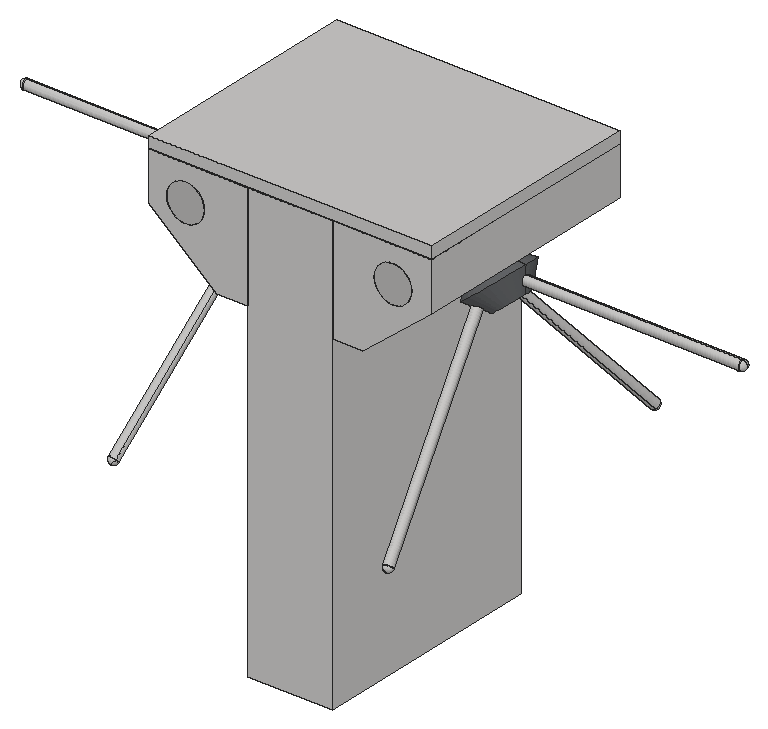
Revit family "CAME_Турникет_Трипод_STILE_500Сдвоенный", category Специальное оборудование, Revit 2019
Family settings
  Размер круглого соединителя = Использовать диаметр
  Тип детали = Нормальный
  На основе рабочей плоскости = Нет
  Всегда вертикально = Да
  При загрузке вырезать с полостями = Нет
  Общий = Нет
  Точка расчета площади = Нет
Parameters
  Описание = "Турникет-трипод моторизованный двухпроходный. Корпус и преграды из нержавеющей стали AISI 304. Оснащен платой управления и светодиодными указателями прохода. Стержни-барьеры с электродоводкой. Автоматическая разблокировка при аварийном отключении электроэнергии. Встроенный блок питания."
  Минимальная ширина проема = 1580 mm  # constant formula
  Изготовитель = "CAME"  # constant formula
  Группа модели = "Турникеты"
  Watermark [instance] = "Модели защищены уникальным кодом"
  URL = "https://camerussia.com"
  CAME_Тип механизма турникета = "моторизованный"  # constant formula
  CAME_Напряжение электропитания двигателя (В) = 24 V  # constant formula
  CAME_Максимальное количество проходов в минуту = "48"  # constant formula
  CAME_Класс защиты (IP) = "54"  # constant formula
  CAME_Интенсивность использования (%) = "ИНТЕНСИВНОЕ"  # constant formula
  CAME_Диапазон рабочих температур (°C) = "-20 ÷ +68"  # constant formula
  BL_Разработано = "support@bimlib.pro"  # constant formula
  BL_Email = "cru.info@came.com"  # constant formula
  BL_BIM library = "https://bimlib.pro/manufacturer/came/cf0b6efe-31e5-4ffa-b7ea-1d6fa84041d4/?tab=products"
  ADSK_Размер_Ширина = 1540 mm  # constant formula
  ADSK_Размер_Глубина = 500 mm  # constant formula
  ADSK_Размер_Высота = 955 mm  # constant formula
  ADSK_Полная мощность = ADSK_Номинальная мощность / ADSK_Коэффициент мощности  # 25 VA
  ADSK_Обозначение = "ТУ 26.30.50-001-89603926-2021"  # constant formula
  ADSK_Номинальная мощность = 24 W  # constant formula
  ADSK_Напряжение = 230 V  # constant formula
  ADSK_Наименование краткое = "Турникет-трипод STILE 500 сдвоенный"  # constant formula
  ADSK_Наименование = "Турникет-трипод моторизованный STILE 500 сдвоенный"  # constant formula
  ADSK_Масса_Текст = "56 кг"  # constant formula
  ADSK_Масса = 56  # constant formula
  ADSK_Марка = "АРТ:001PSMM500ED-01"  # constant formula
  ADSK_Коэффициент мощности = 0.96
  ADSK_Количество фаз = 1  # constant formula
  ADSK_Количество = 1  # constant formula
  ADSK_Код изделия = "Код КСР 26.30.50.119.61.2.07.09"  # constant formula
  ADSK_Классификация нагрузок = Прочее
  ADSK_Завод-изготовитель = "CAME"  # constant formula
  ADSK_Единица измерения = "шт."  # constant formula
  ADSK_Группирование = "STILE"  # constant formula
  ADSK_Версия семейства = "1.0"  # constant formula
  ADSK_Версия Revit = "2019"  # constant formula
  ADSK_URL страницы изделия = "https://camerussia.com/product/001psmm500ed-01/"
  ADSK_URL документации изделия = "https://camerussia.com/uploads/support/instructions/files/Инструкция%20STILE-TWISTER-SALOON.pdf"
Reference planes
  plane 1 "По центру (Вперед/Назад)": y = 0
  plane 2: z = 0
  plane 3 "По центру (Влево/Вправо)": x = 0
  plane 4: y = 250
  plane 5: y = -250
  plane 6: z = 955
  plane 7: x = 770
  plane 8: z = 705
  plane 9: x = 300
  plane 10: x = 790
  plane 11: z = 930
  plane 12: x = 155
  plane 13: x = 90
  plane 14: x = -90
  plane 15: x = -155
  plane 16: x = -300
  plane 17: x = -770
  plane 18: x = -790
Forms (mm)
  Extrusion 1, solid, material "CAME_Сталь_Нержавеющая_AISI 304", detail levels fine
    sketch origin (0, 0, 0) x (1, 0, 0) y (0, 0, 1)
      loop
        line (90, 705) -> (155, 705) -> (300, 826.669) -> (300, 930) -> (90, 930) -> (90, 705)
      loop
        line (-90, 705) -> (-90, 930) -> (-300, 930) -> (-300, 826.669) -> (-155, 705) -> (-90, 705)
    from -250 to 250
  Extrusion 2, solid, material "CAME_Сталь_Нержавеющая_AISI 304", detail levels fine
    sketch origin (-126.098, -1524, 930) x (-1, 0, 0) y (0, -1, 0)
      loop
        line (173.902, -1774) -> (173.902, -1274) -> (-426.098, -1274) -> (-426.098, -1774) -> (173.902, -1774)
    from 1 to 25
  Extrusion 3, solid, material "CAME_Стекло_Закаленное_Черное", detail levels fine
    sketch origin (866.16, -250, 1200) x (1, 0, 0) y (0, 0, 1)
      loop
        circle (-646.16, -345) r 40
      loop
        circle (-1086.16, -345) r 40
    from 0 to 2
  Extrusion 4, solid, material "CAME_Стекло_Закаленное_Черное", detail levels fine
    sketch origin (-872.529, 250, 1200) x (-1, 0, 0) y (0, 0, 1)
      loop
        circle (-1092.529, -345) r 40
      loop
        circle (-652.529, -345) r 40
    from 0 to 2
  Extrusion 5, solid, material "CAME_Сталь_Нержавеющая_AISI 304", detail levels medium
    sketch origin (0, 0, 0) x (1, 0, 0) y (0, 0, 1)
      loop
        line (90, 705) -> (155, 705) -> (300, 826.669) -> (300, 955) -> (-300, 955) -> (-300, 826.669) -> (-155, 705) -> (-90, 705) -> (-90, 0) -> (90, 0) -> (90, 705)
    from -250 to 250
  Extrusion 6, solid, material "CAME_Сталь_Нержавеющая_AISI 304", detail levels fine
    sketch origin (0, 0, 0) x (1, 0, 0) y (0, 1, 0)
      loop
        line (-90, 250) -> (-90, -250) -> (90, -250) -> (90, 250) -> (-90, 250)
    from 0 to 930
Lines and regions (mm)
  model lines, style "CAME", detail levels coarse
    curve 1: line (-300, 250, 0) -> (300, 250, 0)
    curve 2: line (-300, -250, 0) -> (-300, 250, 0)
    curve 3: line (300, -250, 0) -> (-300, -250, 0)
    curve 4: line (300, 250, 0) -> (300, -250, 0)
    curve 5: line (300, 0, 0) -> (770, 0, 0)
    curve 6: line (300, 0, 0) -> (360.777, 344.683, 0)
    curve 7: line (300, 0, 0) -> (360.777, -344.683, 0)
    curve 8: line (90, 250, 0) -> (90, -250, 0)
    curve 9: line (-90, 250, 0) -> (-90, -250, 0)
    curve 10: line (-300, 0, 0) -> (-770, 0, 0)
    curve 11: line (-300, 0, 0) -> (-360.777, 344.683, 0)
    curve 12: line (-300, 0, 0) -> (-360.777, -344.683, 0)
    curve 13: line (-90, 250, 0) -> (-90, -250, 0)
    curve 14: line (90, 250, 0) -> (90, -250, 0)
Dimensions and locks
  equal spacing: plane 5, plane 1 "По центру (Вперед/Назад)", plane 4
  "ADSK_Размер_Глубина": plane 5 to plane 4
  "ADSK_Размер_Высота": plane 6 to plane 2
  locked: plane 6 to plane 8 at 250
  locked: plane 3 "По центру (Влево/Вправо)" to plane 9 at 300
  locked: plane 6 to plane 11 at 25
  locked: plane 12 to plane 9 at 145
  locked: plane 6 to Extrusion 3 sketch curve at 100  (x2)
  locked: plane 9 to Extrusion 3 sketch curve at 80
  locked: plane 13 to plane 3 "По центру (Влево/Вправо)" at 90
  locked: plane 16 to plane 3 "По центру (Влево/Вправо)" at 300
  locked: plane 14 to plane 3 "По центру (Влево/Вправо)" at 90
  locked: plane 16 to plane 15 at 145
  equal spacing: plane 17, plane 3 "По центру (Влево/Вправо)", plane 7
  equal spacing: plane 18, plane 3 "По центру (Влево/Вправо)", plane 10
  "ADSK_Размер_Ширина": plane 17 to plane 7
  "Минимальная ширина проема": plane 18 to plane 10
  locked: plane 16 to Extrusion 3 sketch curve at 80
  locked: plane 8 to Extrusion 1 sketch curve (angle 40.00°)
  locked: Extrusion 5 sketch curve to plane 8 (angle 40.00°)
  locked: Extrusion 1 sketch curve to plane 8 (angle 40.00°)
  aligned and locked: level to plane 2
  aligned and locked: plane 9 to Extrusion 1 sketch curve
  aligned and locked: Extrusion 1 sketch curve to plane 8
  aligned and locked: plane 12 to Extrusion 1 sketch curve
  aligned and locked: plane 11 to Extrusion 1 sketch curve
  aligned and locked: plane 4 to Extrusion 1
  aligned and locked: plane 5 to Extrusion 1
  aligned and locked: Extrusion 2 sketch curve to Extrusion 1  (x3)
  aligned and locked: plane 6 to Extrusion 2
  aligned and locked: Extrusion 4 sketch curve to Extrusion 3  (x4)
  aligned and locked: Extrusion 1 to Extrusion 5 sketch curve
  aligned and locked: Extrusion 5 sketch curve to Extrusion 1  (x2)
  aligned and locked: plane 4 to Extrusion 5
  aligned and locked: plane 5 to Extrusion 5
  aligned and locked: nested 1 to plane 1 "По центру (Вперед/Назад)"
  aligned and locked: plane 13 to Extrusion 6 sketch curve
  aligned and locked: Extrusion 6 sketch curve to plane 4
  aligned and locked: Extrusion 6 sketch curve to plane 5
  aligned and locked: plane 11 to Extrusion 6
  aligned and locked: Extrusion 6 to level
  aligned and locked: plane 13 to Extrusion 1 sketch curve
  aligned and locked: plane 6 to Extrusion 5 sketch curve
  aligned and locked: plane 2 to Extrusion 5 sketch curve
  aligned and locked: plane 13 to Extrusion 5 sketch curve
  aligned and locked: Extrusion 6 sketch curve to plane 14
  aligned and locked: Extrusion 5 sketch curve to plane 14
  aligned and locked: plane 8 to Extrusion 5 sketch curve
  aligned and locked: plane 15 to Extrusion 5 sketch curve
  aligned and locked: Extrusion 5 sketch curve to plane 16
  aligned and locked: Extrusion 1 sketch curve to plane 11
  aligned and locked: Extrusion 1 sketch curve to plane 16
  aligned and locked: plane 14 to Extrusion 1 sketch curve
  aligned and locked: plane 8 to Extrusion 1 sketch curve
  aligned and locked: plane 15 to Extrusion 1 sketch curve
  aligned and locked: plane 16 to Extrusion 2 sketch curve
  aligned and locked: plane 1 "По центру (Вперед/Назад)" to nested 2
  aligned and locked: plane 14 to curve 13
  aligned and locked: plane 13 to curve 14
Automatic sketch dimensions
  plane 1 "По центру (Вперед/Назад)" to curve 10 = 0 mm
  curve 10 to plane 17 = 0 mm
  curve 2 to plane 16 = 0 mm
  curve 9 to plane 14 = 0 mm
  curve 8 to plane 13 = 0 mm
  curve 14 to plane 4 = 0 mm
  plane 1 "По центру (Вперед/Назад)" to curve 7 = 0 mm
  curve 7 to plane 9 = 0 mm
  plane 1 "По центру (Вперед/Назад)" to curve 5 = 0 mm
  curve 5 to plane 7 = 0 mm
  plane 5 to curve 14 = 0 mm
  plane 1 "По центру (Вперед/Назад)" to curve 6 = 0 mm
  plane 1 "По центру (Вперед/Назад)" to curve 12 = 0 mm
  plane 1 "По центру (Вперед/Назад)" to curve 11 = 0 mm
  plane 16 to curve 12 = 60.777 mm
  plane 16 to curve 11 = 60.777 mm
  plane 9 to curve 6 = 60.777 mm
  plane 9 to curve 7 = 60.777 mm
  plane 5 to curve 7 = 94.683 mm
  plane 5 to curve 12 = 94.683 mm
  plane 4 to curve 6 = 94.683 mm
  plane 4 to curve 11 = 94.683 mm
  radius of Extrusion 3 sketch curve = 40 mm  (x2)
Nested families
  nested 1: "CAME_Трипод" at (235.013, 0, 772.139) x (0.766, 0, 0.6428) z (0.6428, 0, -0.766), type "CAME_Трипод"
  nested 2: "CAME_Трипод" at (-235.013, 0, 772.139) x (-0.766, 0, 0.6428) z (-0.6428, 0, -0.766), type "CAME_Трипод"
Connectors
  electrical at (0, 0, 0), driven by "ADSK_Количество фаз", driven by "ADSK_Напряжение", driven by "ADSK_Полная мощность", driven by "ADSK_Коэффициент мощности"
    settings: on Extrusion 6, index 1, voltage 230 V, apparent load 0 VA, apparent load phase1 25 VA, apparent load phase2 0 VA, apparent load phase3 0 VA, power factor 0.96, load classification "Прочее", number of poles 1, system type 31, power factor state 1, is connector primary yes, connector utility no, sub classification motor no, connector description ""
Definition of nested family "CAME_Трипод"
  Parameters (values of type "CAME_Трипод")
    Default Elevation = 1219.2 mm
    Материал крепления = none
    ADSK_Материал = none
  Reference planes
    plane 1 "По центру (Вперед/Назад)": y = 0
    plane 2: z = 0
    plane 3 "По центру (Влево/Вправо)": x = 0
    plane 4: z = 35
    plane 5 "A": through (0, 0, 1200) normal (-0.866, -0.5, 0)
    plane 6 "B": through (0, 0, 1200) normal (0.866, -0.5, 0)
  Forms (mm)
    Revolve 1, solid, material <- "ADSK_Материал", detail levels medium+fine
      sketch origin (0, 0, 0) x (1, 0, 0) y (0, 0, 1)
        loop
          line (62.5, 0) -> (73.667, 13.309) -> (38.314, 55.441) -> (0, 55.441) -> (0, 0) -> (62.5, 0)
        axis (0, 0) -> (0, 55.441)
      angle from 0 to 360
    Revolve 2, solid, material <- "ADSK_Материал", detail levels medium+fine
      sketch origin (0, 0, 0) x (1, 0, 0) y (0, 0, 1)
        loop
          line (47.835, 28.597) -> (54.238, 20.965) -> (414.279, 323.075) -> (407.876, 330.707) -> (47.835, 28.597)
        axis (47.835, 28.597) -> (407.876, 330.707)
      angle from 0 to 360
    Revolve 3, solid, material <- "ADSK_Материал", detail levels medium+fine
      sketch origin (0, 0, 1200) x (0.5, -0.866025, 0) y (0, 0, 1)
        loop
          line (-47.84, -1171.428) -> (-407.21, -869.88) -> (-414.308, -876.978) -> (-54.267, -1179.088) -> (-47.84, -1171.428)
        axis (-47.84, -1171.428) -> (-407.88, -869.318)
      angle from 0 to 360
    Revolve 4, solid, material <- "ADSK_Материал", detail levels medium+fine
      sketch origin (0, 0, 1200) x (0.5, 0.866025, 0) y (0, 0, 1)
        loop
          line (-40.179, -1177.856) -> (-407.21, -869.88) -> (-414.308, -876.978) -> (-46.607, -1185.516) -> (-40.179, -1177.856)
        axis (-40.179, -1177.856) -> (-407.88, -869.318)
      angle from 0 to 360
    Revolve 5, solid, material <- "ADSK_Материал", detail levels fine
      sketch origin (-27.75, -48.064, 35) x (-0.383022, -0.663414, 0.642788) y (-0.321394, -0.55667, -0.766044)
        loop
          line (460, 0) -> (470, 0)
          arc (470, 0) -> (467.071, 7.071) -> (460, 10) r 10
          line (460, 10) -> (460, 0)
        axis (460, 0) -> (470, 0)
      angle from 0 to 360
    Revolve 6, solid, material <- "ADSK_Материал", detail levels fine
      sketch origin (55.466, 0, 35) x (0.766044, 0, 0.642788) y (-0.642788, 0, 0.766044)
        loop
          arc (460.038, -9.962) -> (467.082, -7.044) -> (470, 0) r 9.962
          line (470, 0) -> (460.038, 0) -> (460.038, -9.962)
        axis (460.038, 0) -> (470, 0)
      angle from 0 to 360
    Revolve 7, solid, material <- "ADSK_Материал", detail levels fine
      sketch origin (-27.75, 48.064, 35) x (-0.383022, 0.663414, 0.642788) y (-0.321394, 0.55667, -0.766044)
        loop
          line (460, 0) -> (470, 0)
          arc (470, 0) -> (467.071, 7.071) -> (460, 10) r 10
          line (460, 10) -> (460, 0)
        axis (460, 0) -> (470, 0)
      angle from 0 to 360
  Cuts and joins
    joined: Revolve 1, Revolve 2, Revolve 3, Revolve 4
  Lines and regions (mm)
    reference lines
      curve 1: line (38.314, 0, 55.441) -> (73.667, 0, 13.309)
      curve 2: line (55.466, 0, 35) -> (488.281, 0, 398.175)
      curve 3: circle (0, 0, 35) r 55.5 normal (0, 0, 1)
      curve 4: line (-27.75, 48.064, 35) -> (-152.232, 263.674, 243.906)
      curve 5: line (-27.75, -48.064, 35) -> (-219.261, -379.771, 356.394)
  Dimensions and locks
    locked: plane 4 to plane 2 at 35
    locked: plane 1 "По центру (Вперед/Назад)" to plane 5 "A" (angle 120.00°)
    locked: plane 6 "B" to plane 1 "По центру (Вперед/Назад)" (angle 120.00°)
    angle curve 4 to plane 4 = 40.00°
    aligned and locked: level to plane 2
    aligned and locked: plane 3 "По центру (Влево/Вправо)" to Revolve 1 sketch curve
    aligned and locked: Revolve 1 sketch curve to Revolve 1 sketch curve
    aligned and locked: Revolve 2 sketch curve to curve 2
    aligned and locked: Revolve 3 sketch curve to curve 4
    aligned and locked: Revolve 4 sketch curve to curve 5
    aligned and locked: Revolve 5 sketch curve to curve 5
    aligned and locked: cut or joined group of Revolve 1, Revolve 2, Revolve 3, Revolve 4 to Revolve 5 sketch curve
    aligned and locked: curve 5 to Revolve 5 sketch curve
    aligned and locked: Revolve 6 sketch curve to curve 2
    aligned and locked: Revolve 6 sketch curve to cut or joined group of Revolve 1, Revolve 2, Revolve 3, Revolve 4
    aligned and locked: curve 2 to Revolve 6 sketch curve
    aligned and locked: Revolve 7 sketch curve to curve 4
    aligned and locked: curve 4 to Revolve 7 sketch curve
    aligned and locked: cut or joined group of Revolve 1, Revolve 2, Revolve 3, Revolve 4 to Revolve 7 sketch curve
